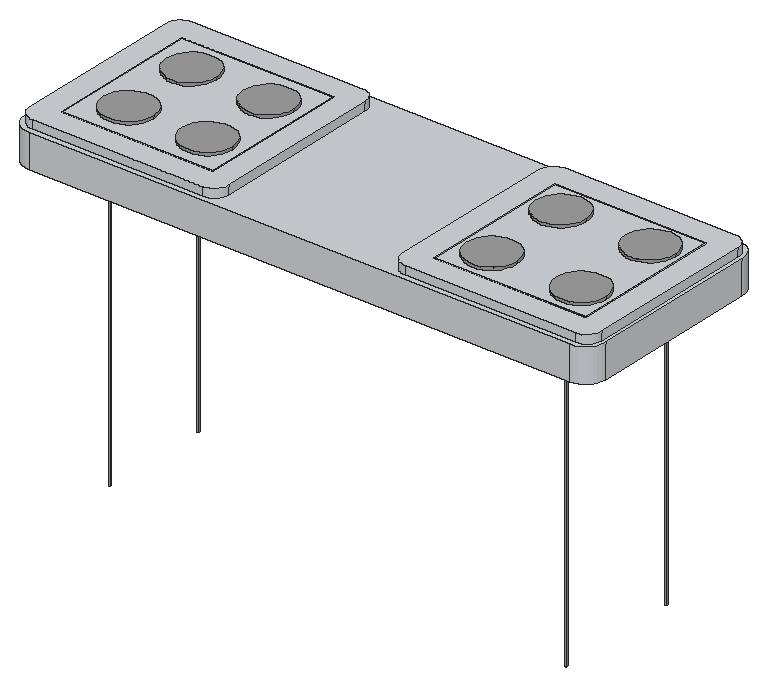
Revit family "Lighting-Industriale-GEWISS-SMART[4]HACCP_APPARECCHI-LED_2M_DALI", category Apparecchi per illuminazione, Revit 2019
Family settings
  Quota connettore circolare = Usa diametro
  Tipo di parte = Normale
  Numero OmniClass = 23.80.70.00
  Titolo OmniClass = Lighting
  Basato su piano di lavoro = Sì
  Sempre verticale = No
  Taglio con vuoti quando caricato = No
  Sorgente d'illuminazione = No
  Condiviso = No
  Punto di calcolo locali = No
Parameters (values of type "GWS4221HQ857 - SMART4HB 2M ST.AL.DALI HACCP ELL.57K")
  Voltaggio = 230 V
  Viti esterne = "Acciaio inox"
  Versione file RFA = "20.11"
  Vano di alimentazione = "Integrato"
  URL = "https://www.gewiss.com/it/it"
  Tolleranza cromatica = "SDCM = 3"
  Tipologia sorgente luminosa = "LED - Non sostituibile"
  Tipo di installazione e montaggio = "Plafone - Parete - Sospensione"
  Tipo di apparecchio = "Riflettore industriale a LED&nbsp;"
  Tensione di alimentazione = "220 - 240 V"
  Temperatura di stoccaggio = "-40 +70 °C"
  Temperatura di esercizio = "-30 +50 °C"
  Temperatura di colore = "5700K"
  Superficie massima esposta al vento : = "0,184 m²"
  Spostamento_y_etichetta [instance] = 0 mm
  Spostamento_y_effettivo_etichetta [instance] = 1500 mm - Spostamento_y_etichetta  # 1500 mm
  Spostamento_x_etichetta [instance] = 0 mm
  Spostamento_X_effettivo_etichetta [instance] = 1500 mm - Spostamento_x_etichetta  # 1500 mm
  SostituibilitÃ  piastra di cablaggio = "Non sostituibile"
  SostituibilitÃ  gruppo ottico = "Non sostituibile"
  Sistema di controllo : = "DALI"
  Sistema di controllo = "1 x DALI DT6"
  Schermo = "PMMA"
  Scheda Tecnica = "https://www.gewiss.com/it/it/search?q=GWS4221HQ857"
  SEO = "High bay"
  Resistenza al filo incandescente = "650 °C"
  Resistenza agli urti = "IK07"
  Produttore = "GEWISS S.p.A."
  Potenza di sistema = "125W"
  Peso (kg): = "6,5"
  Ottica = "Ellittica"
  Offset etichetta W [instance] = 150 mm
  Norma di riferimento = "EN 60598-1 ; EN 60598-2-1 ; EN 60598-2-24"
  Modello = "GWS4221HQ857"
  Materiali = "-"
  Lumen output (lm) = "16000"
  Lampada = "LED"
  Installazione e manutenzione = "-"
  Informazioni generali = "-"
  Indice di resa cromatica = "CRI-80"
  Inclinazione = "Con accessorio staffa"
  Immagine tipo = GWL1311.jpg
  IPEA = "-"
  IFC.TypeObject = ""
  IFC.ExportType = ""
  IFC.ExportAs = ""
  IDT = "7d5106054cfa4eef80397f6cce8cd301"
  IDF = "49af49d1-f084-4bf7-a575-038cf2014325"
  Guarnizioni = "tipo siliconico antinvecchiamento "
  Gruppo ottico = "Riflettore in PC metallizzato e lenti in PMMA"
  Grado di protezione = "IP65"
  Garanzia = "5 anni"
  Gancio di chiusura = "-"
  Frequenza nominale (Hz) = "50/60 Hz"
  Fissaggio = "-"
  Finitura colore = "Grigio RAL 7035"
  Etichetta wattaggio [instance] = yes
  Trasformatore = none
  Struttura plafoniera = none
  Spessore plafoniera = 40 mm  # constant formula
  Default Elevation = 1219.2 mm  # constant formula
  Proiettsmart2_simb [instance] = yes
  Plafoniera bidimensionale [instance] = not(Proiettsmart2_simb)  # no
  Efficienza luminosa (lm/W) = "128"
  Durata di vita = "L90B10 (Tq+25°C) = 100.000 h - L90B10 (Tq+50°C) = 50.000 h"
  Dispositivo di protezione = "DM 6 kV / CM 10 kV"
  Descrizione = "SMART[4]HB 2M ST.AL.DALI HACCP ELL.57K"
  Creato da GEWISS S.p.A. = ""
  Corpo = "PA6 “Halogen Free” caricato fibra vetro"
  Controllo abbagliamento e luminanza = "-"
  Contesto = "Illuminazione di logistiche e locali produttivi industriali di tipo alimentari"
  Commenti sul wattaggio = "97W"
  Colore = "Grigio RAL 7035"
  Codice digitale univoco (Datamatrix) = "Datamatrix"
  Codice Electrocod = "2444"
  Classificazione: = "-"
  Classificazione = Lighting
  Classe isolamento = "I"
  Classe fotobiologica = "RG0"
  Certificazioni e classificazioni = "-"
  Certificazione DIN 18032-3 = "-"
  Catalogo = "LIGHTING"
  Carico apparente = 97 VA
  Motore = none
  Mascherina = none
  Lunghezza = 699 mm  # constant formula
  Larghezza = 254 mm  # constant formula
  Distanza_tot_plafoniera [instance] = 350 mm
  Dist_sorg_lum = 10 mm  # constant formula
  Caratteristiche ottiche e illuminotecniche = "-"
  Caratteristiche elettriche e gestione della luce = "-"
  Cablaggio = "Con connettore stagno Gw connect"
  COBie.Tagnumber = ""
  COBie.CreatedOn = ""
  COBie.CreatebBy = ""
  COBie.ComponentRegisterItemID = ""
  COBie.Component.TagNumber = ""
  COBie.Component.Space = ""
  COBie.Component.SerialNumber = ""
  COBie.Component.InstallationDate = ""
  COBie.Component.Description = ""
  COBie.Component.BarCode = ""
  Applicazione = "Interno"
  Apparecchio a ridotta temperatura superficiale = "Si"
  Alimentatore = "Incluso"
Types (12, lengths in mm): name | Temperatura di colore | Scheda Tecnica | SEO | Ottica | Modello | Lumen output (lm) | IDT | Gruppo ottico | Efficienza luminosa (lm/W) | Descrizione | Controllo abbagliamento e luminanza
  GWS4221HA840 - SMART4HB 2M ST.AL.DALI HACCP ARR.40K | "4000K" | "https://www.gewiss.com/it/it/search?q=GWS4221HA840" | "" | "Array" | "GWS4221HA840" | "18000" | "e30d837cfd0e4d15882772b89dad54bb" | "Riflettore in PC metallizzato" | "144" | "SMART[4]HB 2M ST.AL.DALI HACCP ARR.40K" | "-"
  GWS4221HA857 - SMART4HB 2M ST.AL.DALI HACCP ARR.57K | "5700K" | "https://www.gewiss.com/it/it/search?q=GWS4221HA857" | "" | "Array" | "GWS4221HA857" | "18000" | "c95bac9ec8dc47b6a4e4a8a1bb66e7ca" | "Riflettore in PC metallizzato" | "144" | "SMART[4]HB 2M ST.AL.DALI HACCP ARR.57K" | "-"
  GWS4221HC840 - SMART4HB 2M ST.AL.DALI HACCP ASI.40K | "4000K" | "https://www.gewiss.com/it/it/search?q=GWS4221HC840" | "High bay" | "Asimmetrica" | "GWS4221HC840" | "16000" | "c45cc6731da044f98a9e028ac9b02b34" | "Riflettore in PC metallizzato e lenti in PMMA" | "128" | "SMART[4]HB 2M ST.AL.DALI HACCP ASI.40K" | "-"
  GWS4221HC857 - SMART4HB 2M ST.AL.DALI HACCP ASI.57K | "5700K" | "https://www.gewiss.com/it/it/search?q=GWS4221HC857" | "High bay" | "Asimmetrica" | "GWS4221HC857" | "16000" | "4eac705f472943f2867cfaae384594de" | "Riflettore in PC metallizzato e lenti in PMMA" | "128" | "SMART[4]HB 2M ST.AL.DALI HACCP ASI.57K" | "-"
  GWS4221HF840 - SMART4HB 2M ST.AL.DALI HACCP 30° 40K | "4000K" | "https://www.gewiss.com/it/it/search?q=GWS4221HF840" | "" | "30°" | "GWS4221HF840" | "17600" | "c9c9f180ebac49d9937d1f6da622c7b8" | "Riflettore in PC metallizzato e lenti in PMMA" | "141" | "SMART[4]HB 2M ST.AL.DALI HACCP 30° 40K" | "UGR - 19"
  GWS4221HF857 - SMART4HB 2M ST.AL.DALI HACCP 30° 57K | "5700K" | "https://www.gewiss.com/it/it/search?q=GWS4221HF857" | "" | "30°" | "GWS4221HF857" | "17600" | "eadd7321507a4953bc48d61854828d81" | "Riflettore in PC metallizzato e lenti in PMMA" | "141" | "SMART[4]HB 2M ST.AL.DALI HACCP 30° 57K" | "UGR - 19"
  GWS4221HH840 - SMART4HB 2M ST.AL.DALI HACCP 60° 40K | "4000K" | "https://www.gewiss.com/it/it/search?q=GWS4221HH840" | "" | "60°" | "GWS4221HH840" | "17700" | "863b2e9731ed4d29b9f0fdc8f450deef" | "Riflettore in PC metallizzato e lenti in PMMA" | "142" | "SMART[4]HB 2M ST.AL.DALI HACCP 60° 40K" | "UGR - 22"
  GWS4221HH857 - SMART4HB 2M ST.AL.DALI HACCP 60° 57K | "5700K" | "https://www.gewiss.com/it/it/search?q=GWS4221HH857" | "" | "60°" | "GWS4221HH857" | "17700" | "126ea5b17bf74ce49efbad90acfb1c6c" | "Riflettore in PC metallizzato e lenti in PMMA" | "142" | "SMART[4]HB 2M ST.AL.DALI HACCP 60° 57K" | "UGR - 22"
  GWS4221HP840 - SMART4HB 2M ST.AL.DALI HACCP 90° 40K | "4000K" | "https://www.gewiss.com/it/it/search?q=GWS4221HP840" | "" | "90°" | "GWS4221HP840" | "18000" | "d82b0bb9246f41369261402105558115" | "Riflettore in PC metallizzato e lenti in PMMA" | "144" | "SMART[4]HB 2M ST.AL.DALI HACCP 90° 40K" | "UGR - 25"
  GWS4221HP857 - SMART4HB 2M ST.AL.DALI HACCP 90° 57K | "5700K" | "https://www.gewiss.com/it/it/search?q=GWS4221HP857" | "" | "90°" | "GWS4221HP857" | "18000" | "919626eb6ec74e32b98b29975c90b37f" | "Riflettore in PC metallizzato e lenti in PMMA" | "144" | "SMART[4]HB 2M ST.AL.DALI HACCP 90° 57K" | "UGR - 25"
  GWS4221HQ840 - SMART4HB 2M ST.AL.DALI HACCP ELL.40K | "4000K" | "https://www.gewiss.com/it/it/search?q=GWS4221HQ840" | "High bay" | "Ellittica" | "GWS4221HQ840" | "16000" | "03fcb56f86634e3cbd4712405ea70b25" | "Riflettore in PC metallizzato e lenti in PMMA" | "128" | "SMART[4]HB 2M ST.AL.DALI HACCP ELL.40K" | "-"
  GWS4221HQ857 - SMART4HB 2M ST.AL.DALI HACCP ELL.57K | "5700K" | "https://www.gewiss.com/it/it/search?q=GWS4221HQ857" | "High bay" | "Ellittica" | "GWS4221HQ857" | "16000" | "7d5106054cfa4eef80397f6cce8cd301" | "Riflettore in PC metallizzato e lenti in PMMA" | "128" | "SMART[4]HB 2M ST.AL.DALI HACCP ELL.57K" | "-"
Reference planes
  plane 1 "Asse sorgente illuminazione (F/B)": y = 0
  plane 2: z = 0
  plane 3 "Asse sorgente illuminazione (L/R)": x = 0
  plane 4 "Prospetto sorgente di illuminazione": z = 1500
  plane 5: x = -349.5
  plane 6: y = 127
  plane 7: x = 349.5
  plane 8: y = -127
  plane 9: x = 344.5
  plane 10: x = -344.5
  plane 11: x = -104.5
  plane 12: x = 104.5
  plane 13: y = -1500
  plane 14: z = 390
  plane 15: z = 390
  plane 16: z = 400
  plane 17: z = 350
  plane 18: y = 0
  plane 19: x = -1500
  plane 20: x = 0
Dimensions and locks
  equal spacing: plane 6, plane 1 "Asse sorgente illuminazione (F/B)", plane 8
  "Larghezza": plane 6 to plane 8
  equal spacing: plane 5, plane 3 "Asse sorgente illuminazione (L/R)", plane 7
  "Lunghezza": plane 5 to plane 7
  locked: plane 5 to plane 10 at 5
  locked: plane 9 to plane 7 at 5
  locked: plane 16 to plane 14 at 10
  locked: plane 15 to plane 17 at 40
  "Distanza_tot_plafoniera": plane 17 to plane 2
  plane 1 "Asse sorgente illuminazione (F/B)" to plane 13 = 1500 mm
  "Spostamento_y_effettivo_etichetta": plane 18 to plane 13
  plane 19 to plane 3 "Asse sorgente illuminazione (L/R)" = 1500 mm
  "Spostamento_X_effettivo_etichetta": plane 19 to plane 20
  aligned and locked: level to plane 2
  aligned and locked: nested 15 to plane 14
  aligned and locked: plane 14 to nested 16
  aligned and locked: plane 16 to nested 8
  aligned and locked: nested 6 to plane 16
  aligned and locked: plane 16 to nested 7
  aligned and locked: nested 5 to plane 16
  aligned and locked: nested 3 to plane 16
  aligned and locked: plane 16 to nested 1
  aligned and locked: nested 4 to plane 16
  aligned and locked: plane 16 to nested 2
  aligned and locked: nested 11 to plane 2  (x2)
  aligned and locked: nested 10 to plane 2
  aligned and locked: nested 9 to plane 2
  aligned and locked: plane 14 to plane 15
  aligned and locked: plane 17 to nested 14
  aligned and locked: nested 17 to plane 18
  aligned and locked: nested 17 to plane 20
  aligned and locked: plane 2 to nested 18
  aligned and locked: plane 2 to nested 11
Nested families
  nested 1: "Gewis - Led" at (171.717, 52, 403), type "Gewis - Led", detail levels medium+fine
  nested 2: "Gewis - Led" at (279.5, 52, 403), type "Gewis - Led", detail levels medium+fine
  nested 3: "Gewis - Led" at (171.717, -52, 403), type "Gewis - Led", detail levels medium+fine
  nested 4: "Gewis - Led" at (279.5, -52, 403), type "Gewis - Led", detail levels medium+fine
  nested 5: "Gewis - Led" at (-174.5, 45, 403) x (-1, 0, 0) z (0, 0, 1), type "Gewis - Led", detail levels medium+fine
  nested 6: "Gewis - Led" at (-269.5, 47.625, 403) x (-1, 0, 0) z (0, 0, 1), type "Gewis - Led", detail levels medium+fine
  nested 7: "Gewis - Led" at (-174.5, -47.089, 403) x (-1, 0, 0) z (0, 0, 1), type "Gewis - Led", detail levels medium+fine
  nested 8: "Gewis - Led" at (-269.5, -47.089, 403) x (-1, 0, 0) z (0, 0, 1), type "Gewis - Led", detail levels medium+fine
  nested 9: "Sospensione_ SMART LAB 4" at (274.838, 81.5, 0), Altezza sospensione <- "Distanza_tot_plafoniera", type "Sospensione_ SMART LAB 4"
    with Altezza sospensione 350 mm, Default Elevation 350 mm
  nested 10: "Sospensione_ SMART LAB 4" at (274.838, -69, 0), Altezza sospensione <- "Distanza_tot_plafoniera", type "Sospensione_ SMART LAB 4"
    with Altezza sospensione 350 mm, Default Elevation 350 mm
  nested 11: "Sospensione_ SMART LAB 4" at (-276.662, -66.5, 0), Altezza sospensione <- "Distanza_tot_plafoniera", type "Sospensione_ SMART LAB 4"
    with Altezza sospensione 350 mm, Default Elevation 350 mm
  nested 12: "PROIETTSMART - 2" at (0, 0, 0), visible <- "Proiettsmart2_simb", type "PROIETTSMART - 2"
  nested 13: "Rappr_ bidimensionale_SMART (4)  4 + 4 L " at (0, 0, 0), visible <- "Plafoniera bidimensionale", type "SMART (4)  4 + 4 L_bidimensionale "
  nested 14: "Struttura_SMART 4" at (0, 0, 390), type "SMART 4 HB - 4+4L"
  nested 15: "mascherina_SMART (4)" at (-224.5, 0, 400) x (-1, 0, 0) z (0, 0, 1), type "Maschera_smart (4) 4L", detail levels fine
  nested 16: "mascherina_SMART (4)" at (224.5, 0, 400), type "Maschera_smart (4) 4L", detail levels fine
  nested 17: "ETICHETTA LIGHT" at (0, 0, 0), type "ETICHETTA LIGHT"
  nested 18: "Sospensione_ SMART LAB 4" at (-276.662, 66.5, 0), Altezza sospensione <- "Distanza_tot_plafoniera", type "Sospensione_ SMART LAB 4"
    with Altezza sospensione 350 mm, Default Elevation 350 mm
Connectors
  electrical at (0.009, -0.098, 350), driven by "Carico apparente"
    settings: on nested 14, index 1, voltage 230 V, apparent load 0 VA, apparent load phase1 97 VA, apparent load phase2 0 VA, apparent load phase3 0 VA, power factor 1, load classification "Lighting", number of poles 2, system type 31, power factor state 1, is connector primary yes, connector utility no, sub classification motor no, connector description ""
Definition of nested family "Gewis - Led"
  Parameters (values of type "Gewis - Led")
    Vetro = none
    Raggio led = 30 mm
    Default Elevation = 1219.2 mm
    Estensione vetro = 3 mm
  Reference planes
    plane 1 "Centro (Fronte/Retro)": y = 0
    plane 2: z = 0
    plane 3 "Centro (Sinistra/Destra)": x = 0
  Forms (mm)
    Extrusion 1, solid, material <- "Vetro"
      sketch origin (0, 0, 0) x (1, 0, 0) y (0, 1, 0)
        loop
          circle (0, 0) r 30
      from -3 to 0
  Dimensions and locks
    "Estensione vetro": level to Extrusion 1
    "Raggio led": radius of Extrusion 1 sketch curve
    aligned and locked: level to plane 2
    aligned and locked: level to Extrusion 1
  Automatic sketch dimensions
    plane 1 "Centro (Fronte/Retro)" to Extrusion 1 sketch curve = 0 mm
    Extrusion 1 sketch curve to plane 3 "Centro (Sinistra/Destra)" = 0 mm
Definition of nested family "Sospensione_ SMART LAB 4"
  Parameters (values of type "Sospensione_ SMART LAB 4")
    Default Elevation = 400 mm
    Altezza sospensione [instance] = 500 mm
  Reference planes
    plane 1 "Center (Front/Back)": y = 0
    plane 2: z = 0
    plane 3 "Center (Left/Right)": x = 0
    plane 4: z = 500
    plane 5: z = 30.7
  Forms (mm)
    Extrusion 1, solid
      sketch origin (0, 0, 0) x (1, 0, 0) y (0, 1, 0)
        loop
          circle (0, -0.028) r 1.25
      from 0 to 500
  Lines and regions (mm)
    model lines, not visible
      curve 1: line (0, 0, 0) -> (0, 0, 9.482)
  Dimensions and locks
    "Altezza sospensione": plane 4 to level
    plane 2 to plane 4 = 500 mm
    aligned and locked: level to plane 2
    aligned and locked: Extrusion 1 to plane 2
    aligned and locked: plane 4 to Extrusion 1
  Automatic sketch dimensions
    Extrusion 1 sketch curve to plane 3 "Center (Left/Right)" = 0 mm
    plane 1 "Center (Front/Back)" to Extrusion 1 sketch curve = 0.028 mm
    curve 1 to plane 3 "Center (Left/Right)" = 0 mm
    curve 1 to level = 0 mm
    curve 1 to curve 1 = 9.482 mm
    radius of Extrusion 1 sketch curve = 1.25 mm
Definition of nested family "Struttura_SMART 4"
  Parameters (values of type "SMART 4 HB - 4+4L")
    Struttura plafoniera = none
    Spessore_plafoniera = 40 mm
    Lunghezza = 699 mm
    Larghezza = 254 mm
  Types (2, lengths in mm): name | Lunghezza | Larghezza
    SMART Lab (4) 4L | 383 | 253
    SMART 4 HB - 4+4L | 699 | 254
  Reference planes
    plane 1 "Asse sorgente illuminazione (F/B)": y = 0
    plane 2: z = 0
    plane 3 "Asse sorgente illuminazione (L/R)": x = 0
    plane 4 "Prospetto sorgente di illuminazione": z = -40
    plane 5 "SX": x = -349.5
    plane 6 "DX": x = 349.5
    plane 7 "DIETRO": y = 127
    plane 8 "AVANTI": y = -127
    plane 9: x = 106.5
    plane 10: x = 338.5
    plane 11: y = -116
    plane 12: y = 116
    plane 13: x = -338.5
    plane 14: x = -106.5
  Forms (mm)
    Extrusion 1, solid, material <- "Struttura plafoniera"
      sketch origin (0, 0, 0) x (1, 0, 0) y (0, 1, 0)
        loop
          line (349.5, -102.595) -> (349.5, 102.59)
          arc (349.5, 102.59) -> (342.35, 119.85) -> (325.09, 127) r 24.41
          line (325.09, 127) -> (-325.009, 127)
          arc (-325.009, 127) -> (-342.554, 119.6) -> (-349.5, 101.871) r 24.499
          line (-349.5, 101.871) -> (-349.5, -102.592)
          arc (-349.5, -102.592) -> (-342.351, -119.851) -> (-325.092, -127) r 24.408
          line (-325.092, -127) -> (325.117, -127)
          arc (325.117, -127) -> (342.334, -119.868) -> (349.465, -102.652) r 24.348
      from -40 to 0
  Dimensions and locks
    equal spacing: plane 5 "SX", plane 3 "Asse sorgente illuminazione (L/R)", plane 6 "DX"
    equal spacing: plane 7 "DIETRO", plane 1 "Asse sorgente illuminazione (F/B)", plane 8 "AVANTI"
    "Lunghezza": plane 5 "SX" to plane 6 "DX"
    "Larghezza": plane 7 "DIETRO" to plane 8 "AVANTI"
    locked: plane 7 "DIETRO" to plane 12 at 11
    locked: plane 11 to plane 8 "AVANTI" at 11
    locked: plane 10 to plane 6 "DX" at 11
    locked: plane 9 to plane 10 at 232
    plane 13 to plane 14 = 232 mm
    locked: plane 5 "SX" to plane 13 at 11
    "Spessore_plafoniera": plane 2 to plane 4 "Prospetto sorgente di illuminazione"
    aligned and locked: level to plane 2
    aligned and locked: Extrusion 1 to plane 5 "SX"
    aligned and locked: Extrusion 1 to plane 8 "AVANTI"  (x2)
    aligned and locked: plane 7 "DIETRO" to Extrusion 1
    aligned and locked: plane 6 "DX" to Extrusion 1
    aligned and locked: plane 4 "Prospetto sorgente di illuminazione" to Extrusion 1
    aligned and locked: plane 2 to Extrusion 1
  Automatic sketch dimensions
    Extrusion 1 sketch curve to plane 5 "SX" = 0 mm
    Extrusion 1 sketch curve to plane 8 "AVANTI" = 0 mm
    Extrusion 1 sketch curve to plane 7 "DIETRO" = 0 mm
    Extrusion 1 sketch curve to plane 6 "DX" = 0 mm
    plane 13 to Extrusion 1 sketch curve = 13.408 mm
    plane 13 to Extrusion 1 sketch curve = 13.491 mm
    Extrusion 1 sketch curve to plane 10 = 13.41 mm
    Extrusion 1 sketch curve to plane 10 = 13.383 mm
    plane 11 to Extrusion 1 sketch curve = 13.348 mm
    Extrusion 1 sketch curve to plane 12 = 14.129 mm
    Extrusion 1 sketch curve to Extrusion 1 sketch curve = 0.056 mm
Definition of nested family "mascherina_SMART (4)"
  Parameters (values of type "Maschera_smart (4) 4L")
    Spessore_mascherina = 10 mm
    Default Elevation = 1219.2 mm
    N.intarsi = (Lunghezza_mascherina - (Bordo * 2)) / 15 mm  # 12
    N._intarsi verticale = (Larghezza_mascherina - (Bordo * 2)) / 17 mm  # 11
    Mascherina = none
    Lunghezza_mascherina = 240 mm
    Larghezza_mascherina = 240 mm
    Distanza_intarsi v. = 41 mm  # constant formula
    Distanza_intarsi = 37 mm  # constant formula
    Bordo = 29 mm
  Reference planes
    plane 1 "Centro (Fronte/Retro)": y = 0
    plane 2: z = 0
    plane 3 "Centro (Sinistra/Destra)": x = 0
    plane 4: x = -120
    plane 5 "Dietro": y = 120
    plane 6: x = 120
    plane 7: y = -120
    plane 8: x = -91
    plane 9: y = -91
    plane 10: x = 91
    plane 11: y = 91
    plane 12: x = -83
    plane 13: y = 94.742
    plane 14: y = -95
    plane 15: z = -10
    plane 16: x = -95
    plane 17: y = 79
    plane 18: y = -79
    plane 19: x = 95
    plane 20: z = -4.799
  Forms (mm)
    Extrusion 1, solid, material <- "Mascherina"
      sketch origin (0, 0, 0) x (1, 0, 0) y (0, 1, 0)
        loop
          arc (-102.5, 120) -> (-114.874, 114.874) -> (-120, 102.5) r 17.5
          line (-120, 102.5) -> (-120, -102.5)
          arc (-120, -102.5) -> (-114.874, -114.874) -> (-102.5, -120) r 17.5
          line (-102.5, -120) -> (102.5, -120)
          arc (102.5, -120) -> (114.874, -114.874) -> (120, -102.5) r 17.5
          line (120, -102.5) -> (120, 102.5)
          arc (120, 102.5) -> (114.874, 114.874) -> (102.5, 120) r 17.5
          line (102.5, 120) -> (-102.5, 120)
        loop
          line (-91, 91) -> (-91, -91) -> (91, -91) -> (91, 91) -> (-91, 91)
      from -10 to 0
    Extrusion 2, solid, material <- "Mascherina"
      sketch origin (0, 0, 0) x (1, 0, 0) y (0, 1, 0)
        loop
          line (-91, 91) -> (-91, -91) -> (91, -91) -> (91, 91) -> (-91, 91)
      from -4.799 to 0
  Dimensions and locks
    equal spacing: plane 4, plane 3 "Centro (Sinistra/Destra)", plane 6
    "Lunghezza_mascherina": plane 4 to plane 6
    equal spacing: plane 5 "Dietro", plane 1 "Centro (Fronte/Retro)", plane 7
    "Larghezza_mascherina": plane 5 "Dietro" to plane 7
    "Bordo": plane 4 to plane 8
    "Bordo": plane 9 to plane 7
    "Bordo": plane 5 "Dietro" to plane 11
    "Bordo": plane 10 to plane 6
    "Distanza_intarsi": plane 4 to plane 12
    locked: plane 13 to plane 11 at 3.742
    "Spessore_mascherina": plane 2 to plane 15
    "Distanza_intarsi v.": plane 5 "Dietro" to plane 17
    "Distanza_intarsi v.": plane 18 to plane 7
    locked: plane 9 to plane 14 at 4
    locked: plane 16 to plane 8 at 4
    locked: plane 10 to plane 19 at 4
    locked: plane 2 to plane 20 at 4.799
    radius of Extrusion 1 sketch curve = 17.5 mm  (x4)
    aligned and locked: level to plane 2
    aligned and locked: plane 4 to Extrusion 1 sketch curve
    aligned and locked: plane 6 to Extrusion 1 sketch curve
    aligned and locked: Extrusion 1 sketch curve to plane 5 "Dietro"
    aligned and locked: Extrusion 1 sketch curve to plane 7
    aligned and locked: Extrusion 1 sketch curve to plane 11
    aligned and locked: plane 8 to Extrusion 1 sketch curve
    aligned and locked: plane 9 to Extrusion 1 sketch curve
    aligned and locked: Extrusion 1 sketch curve to plane 10
    aligned and locked: plane 2 to Extrusion 1
    aligned and locked: Extrusion 1 to plane 15
    aligned and locked: Extrusion 2 sketch curve to plane 10
    aligned and locked: plane 9 to Extrusion 2 sketch curve
    aligned and locked: plane 8 to Extrusion 2 sketch curve
    aligned and locked: Extrusion 2 sketch curve to plane 11
    aligned and locked: plane 2 to Extrusion 2
    aligned and locked: Extrusion 2 to plane 20
Definition of nested family "PROIETTSMART - 2"
  Reference planes
    plane 1 "Centro (Fronte/Retro)": y = 0
    plane 2: z = 0
    plane 3 "Centro (Sinistra/Destra)": x = 0
  Lines and regions (mm)
    model lines, in view "Livello rif."
      curve 1: line (87.132, -21.515, 0) -> (43.932, -0.008, 0)
      curve 2: line (43.932, -0.008, 0) -> (87.132, 21.758, 0)
      curve 3: line (87.132, 21.758, 0) -> (87.132, -21.515, 0)
      curve 4: line (43.932, 21.629, 0) -> (43.932, -21.645, 0)
      curve 5: line (43.932, -0.008, 0) -> (18.672, -0.008, 0)
      curve 6: line (87.132, 0.122, 0) -> (105.785, 0.122, 0)
      curve 7: line (128.701, 66.747, 0) -> (128.701, -66.747, 0)
      curve 8: line (128.701, -66.747, 0) -> (-131.299, -66.747, 0)
      curve 9: line (-131.299, -66.747, 0) -> (-131.299, 66.747, 0)
      curve 10: line (-131.299, 66.747, 0) -> (128.701, 66.747, 0)
      curve 11: line (12.311, 49.667, 0) -> (111.66, 49.667, 0)
      curve 12: line (111.66, 49.667, 0) -> (111.66, -49.683, 0)
      curve 13: line (111.66, -49.683, 0) -> (12.311, -49.683, 0)
      curve 14: line (12.311, -49.683, 0) -> (12.311, 49.667, 0)
      curve 15: line (-39.438, -21.515, 0) -> (-82.637, -0.008, 0)
      curve 16: line (-82.637, -0.008, 0) -> (-39.438, 21.758, 0)
      curve 17: line (-39.438, 21.758, 0) -> (-39.438, -21.515, 0)
      curve 18: line (-82.637, 21.629, 0) -> (-82.637, -21.645, 0)
      curve 19: line (-82.637, -0.008, 0) -> (-107.898, -0.008, 0)
      curve 20: line (-39.438, 0.122, 0) -> (-20.785, 0.122, 0)
      curve 21: line (-114.259, 49.667, 0) -> (-14.909, 49.667, 0)
      curve 22: line (-14.909, 49.667, 0) -> (-14.909, -49.683, 0)
      curve 23: line (-14.909, -49.683, 0) -> (-114.259, -49.683, 0)
      curve 24: line (-114.259, -49.683, 0) -> (-114.259, 49.667, 0)
Definition of nested family "Rappr_ bidimensionale_SMART (4)  4 + 4 L "
  Reference planes
    plane 1 "Centro (Fronte/Retro)": y = 0
    plane 2: z = 0
    plane 3 "Centro (Sinistra/Destra)": x = 0
  Lines and regions (mm)
    model lines, in view "Livello rif."
      curve 1: circle (175.602, 47.039, 0) r 28.619 normal (0, 0, 1)
      curve 2: circle (269.602, -46.961, 0) r 28.619 normal (0, 0, 1)
      curve 3: circle (175.602, -46.961, 0) r 28.619 normal (0, 0, 1)
      curve 4: circle (269.602, 47.039, 0) r 28.619 normal (0, 0, 1)
      curve 5: arc (103.203, -104.051, 0) -> (107.722, -114.924, 0) -> (118.601, -119.425, 0) r 15.398
      curve 6: arc (-118.547, -119.425, 0) -> (-107.659, -114.915, 0) -> (-103.149, -104.027, 0) r 15.398
      curve 7: arc (-103.149, 103.973, 0) -> (-107.668, 114.87, 0) -> (-118.571, 119.371, 0) r 15.398
      curve 8: arc (-326.571, 119.371, 0) -> (-337.453, 114.844, 0) -> (-341.945, 103.948, 0) r 15.398
      curve 9: arc (-341.945, -104.002, 0) -> (-337.444, -114.906, 0) -> (-326.547, -119.425, 0) r 15.398
      curve 10: arc (326.601, -119.425, 0) -> (337.498, -114.906, 0) -> (342, -104.002, 0) r 15.398
      curve 11: arc (342, 103.998, 0) -> (337.472, 114.878, 0) -> (326.577, 119.371, 0) r 15.398
      curve 12: arc (118.577, 119.371, 0) -> (107.713, 114.861, 0) -> (103.203, 103.997, 0) r 15.398
      curve 13: arc (-349.401, -104, 0) -> (-342.727, -120.168, 0) -> (-326.575, -126.881, 0) r 22.854
      curve 14: arc (-326.574, 126.827, 0) -> (-342.707, 120.133, 0) -> (-349.401, 104, 0) r 22.854
      curve 15: arc (349.455, 104, 0) -> (342.742, 120.152, 0) -> (326.574, 126.827, 0) r 22.854
      curve 16: arc (326.573, -126.881, 0) -> (342.761, -120.187, 0) -> (349.455, -104, 0) r 22.854
      curve 17: circle (-175.548, -47.093, 0) r 28.619 normal (0, 0, 1)
      curve 18: circle (-269.548, 46.907, 0) r 28.619 normal (0, 0, 1)
      curve 19: circle (-175.548, 46.907, 0) r 28.619 normal (0, 0, 1)
      curve 20: circle (-269.548, -47.093, 0) r 28.619 normal (0, 0, 1)
      curve 21: line (130.101, -92.527, 0) -> (130.101, 92.473, 0)
      curve 22: line (130.101, 92.473, 0) -> (315.101, 92.473, 0)
      curve 23: line (315.101, 92.473, 0) -> (315.101, -92.527, 0)
      curve 24: line (315.101, -92.527, 0) -> (130.101, -92.527, 0)
      curve 25: line (103.203, -104.051, 0) -> (103.203, 103.997, 0)
      curve 26: line (118.601, -119.425, 0) -> (326.601, -119.425, 0)
      curve 27: line (-326.547, -119.425, 0) -> (-118.547, -119.425, 0)
      curve 28: line (-103.149, -104.027, 0) -> (-103.149, 103.973, 0)
      curve 29: line (-326.571, 119.371, 0) -> (-118.571, 119.371, 0)
      curve 30: line (-341.945, -104.002, 0) -> (-341.945, 103.948, 0)
      curve 31: line (342, -104.002, 0) -> (342, 103.998, 0)
      curve 32: line (118.577, 119.371, 0) -> (326.577, 119.371, 0)
      curve 33: line (-349.401, -104, 0) -> (-349.401, 104, 0)
      curve 34: line (326.574, 126.827, 0) -> (-326.574, 126.827, 0)
      curve 35: line (349.455, -104, 0) -> (349.455, 104, 0)
      curve 36: line (326.573, -126.881, 0) -> (-326.575, -126.881, 0)
      curve 37: line (-130.047, -92.527, 0) -> (-315.047, -92.527, 0)
      curve 38: line (-315.047, -92.527, 0) -> (-315.047, 92.473, 0)
      curve 39: line (-315.047, 92.473, 0) -> (-130.047, 92.473, 0)
      curve 40: line (-130.047, 92.473, 0) -> (-130.047, -92.527, 0)
Definition of nested family "ETICHETTA LIGHT"
  Parameters (values of type "ETICHETTA LIGHT")
    COMMENTI = "236W"
  Reference planes
    plane 1: y = 0
    plane 2: x = 0
  Text (mm)
    label "COMMENTI" at (-0.057, 0.105, 0), shows "COMMENTI"
